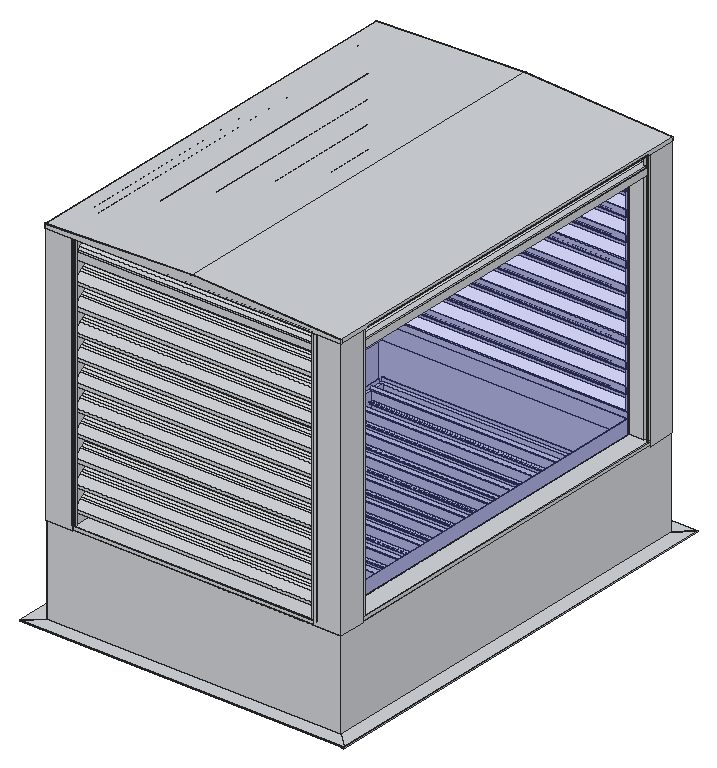
Revit family "PEL-4EV", category Mechanical Equipment, Revit 2015 (continued)
Definition of nested family "PEL-4EV S-3V-I"
  Definition of nested family "FSLF-120"
    Forms (in)
      Extrusion 6, solid
        sketch origin (0, 0, 0) x (0, 1, 0) y (0, 0, 1)
          loop
            circle (-5.18836, 7.24712) r 0.54048
          loop
            circle (-5.18836, 7.24712) r 0.27109
        from 2.4389 to -0.3742
      Extrusion 7, solid
        sketch origin (0, 0, 0) x (0, 1, 0) y (0, 0, 1)
          loop
            line (-3.91306, 6.71864) -> (-3.7518, 6.90501) -> (-4.82025, 7.82944)
            arc (-4.82025, 7.82944) -> (-4.90724, 7.87836) -> (-5.00644, 7.88936) r 0.25
            line (-5.00644, 7.88936) -> (-5.62705, 7.83298)
            arc (-5.62705, 7.83298) -> (-5.79594, 7.74469) -> (-5.85355, 7.56303) r 0.25
            line (-5.85355, 7.56303) -> (-5.80333, 6.9664)
            arc (-5.80333, 6.9664) -> (-5.77611, 6.8722) -> (-5.71475, 6.79572) r 0.25
            line (-5.71475, 6.79572) -> (-4.62328, 5.88139) -> (-4.46502, 6.07031) -> (-5.47779, 6.9187)
            arc (-5.47779, 6.9187) -> (-5.53914, 6.99518) -> (-5.56637, 7.08938) r 0.25
            line (-5.56637, 7.08938) -> (-5.58744, 7.33975)
            arc (-5.58744, 7.33975) -> (-5.52983, 7.52141) -> (-5.36094, 7.60969) r 0.25
            line (-5.36094, 7.60969) -> (-5.08847, 7.63444)
            arc (-5.08847, 7.63444) -> (-4.98927, 7.62345) -> (-4.90228, 7.57453) r 0.25
            line (-4.90228, 7.57453) -> (-3.91306, 6.71864)
        from -0.45408 to -0.64826
      Extrusion 8, solid
        sketch origin (0, 0, 0) x (0, 1, 0) y (0, 0, 1)
          loop
            line (-4.84561, 5.92964) -> (-3.84342, 7.12404) -> (-3.96137, 7.30719) -> (-4.09731, 7.46769)
            arc (-4.09731, 7.46769) -> (-4.29911, 7.57665) -> (-4.45285, 7.74683) r 0.67563
            arc (-4.45285, 7.74683) -> (-4.52455, 7.65639) -> (-4.6158, 7.58572) r 0.47899
            line (-4.6158, 7.58572) -> (-4.72882, 7.47247)
            arc (-4.72882, 7.47247) -> (-4.85345, 6.98422) -> (-5.32567, 6.80835) r 0.54335
            line (-5.32567, 6.80835) -> (-5.42625, 6.68392)
            arc (-5.42625, 6.68392) -> (-5.48681, 6.58567) -> (-5.56911, 6.50475) r 0.47899
            arc (-5.56911, 6.50475) -> (-5.38353, 6.37) -> (-5.25372, 6.18093) r 0.67563
            line (-5.25372, 6.18093) -> (-5.03529, 5.99894) -> (-4.84561, 5.92964)
        from -0.78829 to -0.7065
      Extrusion 9, solid
        sketch origin (0, 0, 0) x (0, 1, 0) y (0, 0, 1)
          loop
            line (-4.84561, 5.92964) -> (-3.84342, 7.12404) -> (-3.87926, 7.17969) -> (-4.90878, 5.95271) -> (-4.84561, 5.92964)
        from -0.7065 to -0.1442
    Lines and regions (in)
      model lines
        curve 1: arc (0, -4.09731, 7.46769) -> (0, -4.29911, 7.57665) -> (0, -4.45285, 7.74683) r 0.67563
        curve 2: arc (0, -4.45285, 7.74683) -> (0, -4.52455, 7.65639) -> (0, -4.6158, 7.58572) r 0.47899
        curve 3: arc (0, -5.56911, 6.50475) -> (0, -5.38353, 6.37) -> (0, -5.25372, 6.18093) r 0.67563
        curve 4: arc (0, -5.42625, 6.68392) -> (0, -5.48681, 6.58567) -> (0, -5.56911, 6.50475) r 0.47899
        curve 5: arc (0, -4.72882, 7.47247) -> (0, -4.85345, 6.98422) -> (0, -5.32567, 6.80835) r 0.54335
        curve 6: arc (0, -5.08847, 7.63444) -> (0, -4.98927, 7.62345) -> (0, -4.90228, 7.57453) r 0.25
        curve 7: arc (0, -5.00644, 7.88936) -> (0, -4.90724, 7.87836) -> (0, -4.82025, 7.82944) r 0.25
        curve 8: arc (0, -5.47779, 6.9187) -> (0, -5.53914, 6.99518) -> (0, -5.56637, 7.08938) r 0.25
        curve 9: arc (0, -5.58744, 7.33975) -> (0, -5.52983, 7.52141) -> (0, -5.36094, 7.60969) r 0.25
        curve 10: line (0, -4.72882, 7.47247) -> (0, -4.6158, 7.58572)
        curve 11: line (0, -5.25372, 6.18093) -> (0, -5.03529, 5.99894)
        curve 12: line (0, -5.03529, 5.99894) -> (0, -3.96137, 7.30719)
        curve 13: line (0, -3.96137, 7.30719) -> (0, -4.09731, 7.46769)
        curve 14: line (0, -5.16521, 6.11335) -> (0, -4.05485, 7.41756)
        curve 15: line (0, -4.98938, 6.05486) -> (0, -4.84561, 5.92964)
        curve 16: line (0, -4.84561, 5.92964) -> (0, -3.84342, 7.12404)
        curve 17: line (0, -3.84342, 7.12404) -> (0, -3.9942, 7.26719)
        curve 18: line (0, -5.47779, 6.9187) -> (0, -4.46502, 6.07031)
        curve 19: line (0, -4.46502, 6.07031) -> (0, -4.62328, 5.88139)
        curve 20: line (0, -4.62328, 5.88139) -> (0, -5.71475, 6.79572)
        curve 21: line (0, -5.32567, 6.80835) -> (0, -5.42625, 6.68392)
        curve 22: line (0, -4.90228, 7.57453) -> (0, -3.91306, 6.71864)
        curve 23: line (0, -3.91306, 6.71864) -> (0, -3.7518, 6.90501)
        curve 24: line (0, -3.7518, 6.90501) -> (0, -4.82025, 7.82944)
        curve 25: line (0, -5.08847, 7.63444) -> (0, -5.36094, 7.60969)
        curve 26: line (0, -5.00644, 7.88936) -> (0, -5.62705, 7.83298)
        curve 27: line (0, -5.56637, 7.08938) -> (0, -5.58744, 7.33975)
        curve 28: line (0, -5.80333, 6.9664) -> (0, -5.85355, 7.56303)
        curve 29: arc (0, -5.71475, 6.79572) -> (0, -5.77611, 6.8722) -> (0, -5.80333, 6.9664) r 0.25
        curve 30: arc (0, -5.85355, 7.56303) -> (0, -5.79594, 7.74469) -> (0, -5.62705, 7.83298) r 0.25
        curve 31: circle (0, -4.59401, 4.1698) r 0.10344 normal (-1, 0, 0)
        curve 32: arc (0, -7.02936, 7.89928) -> (0, -6.97024, 8.042) -> (0, -6.82752, 8.10111) r 0.20184
        curve 33: arc (0, -3.58331, 8.10111) -> (0, -3.44059, 8.042) -> (0, -3.38147, 7.89928) r 0.20184
        curve 34: circle (0, -5.18836, 7.24712) r 0.27109 normal (-1, 0, 0)
        curve 35: circle (0, -5.18836, 7.24712) r 0.54048 normal (-1, 0, 0)
        curve 36: line (0, -6.82752, 8.10111) -> (0, -3.58331, 8.10111)
        curve 37: line (0, -7.02936, 7.89928) -> (0, -7.02936, 2.30122)
        curve 38: line (0, -3.38147, 2.30122) -> (0, -3.38147, 7.89928)
        curve 39: circle (0, -4.59401, 4.1698) r 0.28363 normal (-1, 0, 0)
        curve 40: arc (0, -7.13564, 7.89928) -> (0, -7.0454, 8.11715) -> (0, -6.82752, 8.2074) r 0.30812
        curve 41: arc (0, -3.58331, 8.2074) -> (0, -3.36543, 8.11715) -> (0, -3.27519, 7.89928) r 0.30812
        curve 42: line (0, -7.13564, 2.09702) -> (0, -7.13564, 7.89928)
        curve 43: line (0, -6.82752, 8.2074) -> (0, -3.58331, 8.2074)
        curve 44: line (0, -3.27519, 2.06694) -> (0, -3.27519, 7.89928)
    Dimensions and locks (in)
      aligned and locked: level to plane 2
Definition of nested family "EL-4"
  Parameters (values of type "EL-4")
    URL = "http://unitedenertech.com/catalog/pdf/A_8%20EL-4.pdf"
    Type Comments = "Max. Single Section Size is (120\"w  x  84\"h) or (84\"h  x  120\"w)"
    Model = "EL-4"
    Manufacturer = "United Enertech Corporation"
    Exact Width = 4' - 0"
    Exact Height = 4' - 0"
    Description = "Fixed 4\" Louver"
    Depth = 0' - 4.21363"
    Blade Spacing = 0' - 4 5/8"
    Blade Number [instance] = rounddown((Exact Height - 0' 4 7/8") / 0' 4 5/8")  # 9
    BW [instance] = Exact Width - 0' 1 11/16"  # 3' - 10 5/16"
  Reference planes (in)
    plane 1 "Center (Front/Back)": y = 0
    plane 2: z = 0
    plane 3 "Center (Left/Right)": x = 0
    plane 4: x = -24
    plane 5: x = 24
    plane 6: z = 48
    plane 7: x = -23.166
    plane 8: x = 23.166
    plane 9: z = 0.875
    plane 10: y = 4.21363
    plane 11: z = 44
  Forms (in)
    Extrusion 1, solid
      sketch origin (-29.66294, -49.65479, 0) x (0, -1, 0) y (1, 0, 0)
        loop
          line (-53.59942, 5.66294) -> (-53.59942, 5.74394) -> (-53.70642, 5.74394) -> (-53.70642, 6.41594) -> (-50.70642, 6.41594) -> (-50.70642, 5.70894) -> (-50.28742, 5.70894) -> (-50.28742, 5.66294) -> (-50.20642, 5.66294) -> (-50.20642, 5.70894) -> (-50.14442, 5.70894) -> (-50.14442, 5.78994) -> (-50.20642, 5.78994) -> (-50.20642, 5.87794) -> (-49.78742, 5.87794) -> (-49.78742, 5.78994) -> (-49.92542, 5.78994) -> (-49.92542, 5.70894) -> (-49.70642, 5.70894) -> (-49.70642, 6.6854) -> (-49.65479, 6.6854) -> (-49.65479, 6.78794) -> (-49.78742, 6.78794) -> (-49.78742, 6.49694) -> (-49.89442, 6.49694) -> (-49.89442, 6.41594) -> (-49.78742, 6.41594) -> (-49.78742, 5.95894) -> (-50.28742, 5.95894) -> (-50.28742, 5.78994) -> (-50.62542, 5.78994) -> (-50.62542, 6.49694) -> (-53.73742, 6.49694) -> (-53.73742, 6.78794) -> (-53.78742, 6.78794) -> (-53.78742, 5.66294) -> (-53.59942, 5.66294)
      from 0.875 to 48
    Extrusion 2, solid
      sketch origin (29.66294, -49.65479, 0) x (0, -1, 0) y (1, 0, 0)
        loop
          line (-53.59942, -5.66294) -> (-53.78742, -5.66294) -> (-53.78742, -6.78794) -> (-53.73742, -6.78794) -> (-53.73742, -6.49694) -> (-50.62542, -6.49694) -> (-50.62542, -5.78994) -> (-50.28742, -5.78994) -> (-50.28742, -5.95894) -> (-49.78742, -5.95894) -> (-49.78742, -6.41594) -> (-49.89442, -6.41594) -> (-49.89442, -6.49694) -> (-49.78742, -6.49694) -> (-49.78742, -6.78794) -> (-49.65479, -6.78794) -> (-49.65479, -6.6854) -> (-49.70642, -6.6854) -> (-49.70642, -5.70894) -> (-49.92542, -5.70894) -> (-49.92542, -5.78994) -> (-49.78742, -5.78994) -> (-49.78742, -5.87794) -> (-50.20642, -5.87794) -> (-50.20642, -5.78994) -> (-50.14442, -5.78994) -> (-50.14442, -5.70894) -> (-50.20642, -5.70894) -> (-50.20642, -5.66294) -> (-50.28742, -5.66294) -> (-50.28742, -5.70894) -> (-50.70642, -5.70894) -> (-50.70642, -6.41594) -> (-53.70642, -6.41594) -> (-53.70642, -5.74394) -> (-53.59942, -5.74394) -> (-53.59942, -5.66294)
      from 0.875 to 48
    Extrusion 3, solid
      sketch origin (-57.96539, 54.07221, -28.49404) x (0, 1, 0) y (0, 0, 1)
        loop
          line (-53.52057, 28.49404) -> (-53.43957, 28.49404) -> (-53.43957, 28.81904) -> (-53.93957, 28.81904) -> (-53.93957, 29.28804) -> (-49.93957, 29.28804) -> (-49.93957, 28.57504) -> (-50.04657, 28.57504) -> (-50.04657, 28.49404) -> (-49.85857, 28.49404) -> (-49.85857, 32.16904) -> (-49.93957, 32.16904) -> (-49.93957, 29.36904) -> (-54.07221, 29.36904) -> (-54.07221, 29.28804) -> (-54.02057, 29.28804) -> (-54.02057, 28.56904) -> (-53.80257, 28.56904) -> (-53.80257, 28.65004) -> (-53.93957, 28.65004) -> (-53.93957, 28.73804) -> (-53.52057, 28.73804) -> (-53.52057, 28.65004) -> (-53.58357, 28.65004) -> (-53.58357, 28.56904) -> (-53.52057, 28.56904) -> (-53.52057, 28.49404)
      from 33.96539 to 81.96539
    Extrusion 4, solid
      sketch origin (0, -4.95997, -5.16732) x (0, 1, 0) y (0, 0, 1)
        loop
          line (5.0926, 48.96871) -> (5.1736, 48.98562) -> (5.1736, 49.16966) -> (5.80531, 49.61935) -> (5.80531, 50.18878) -> (6.22811, 50.82999) -> (6.37647, 50.92928) -> (6.73966, 51.16395) -> (7.46295, 51.63128) -> (8.34759, 52.54232) -> (8.94132, 52.54232) -> (8.94132, 52.29232) -> (9.02232, 52.29232) -> (9.02232, 53.16732) -> (8.83432, 53.16732) -> (8.83432, 53.08632) -> (8.94132, 53.08632) -> (8.94132, 52.62332) -> (5.2054, 52.62332) -> (5.17343, 52.6553) -> (5.17343, 52.84232) -> (5.64813, 52.84232) -> (5.64813, 53.09232) -> (5.59232, 53.09232) -> (5.59232, 53.16732) -> (5.51132, 53.16732) -> (5.51132, 53.09232) -> (5.44932, 53.09232) -> (5.44932, 53.01132) -> (5.56713, 53.01132) -> (5.56713, 52.92332) -> (5.17343, 52.92332) -> (5.17343, 53.01132) -> (5.23032, 53.01132) -> (5.23032, 53.09232) -> (5.09227, 53.09232) -> (5.09227, 52.62332) -> (5.8875, 51.82808) -> (5.94407, 51.88465) -> (5.28554, 52.54318) -> (8.23552, 52.54318) -> (7.40333, 51.6892) -> (6.17378, 50.89475) -> (5.72431, 50.21308) -> (5.72431, 49.66112) -> (5.1736, 49.26909) -> (5.1736, 50.32304) -> (5.0926, 50.32304) -> (5.0926, 48.96871)
      from -23.166 to 23.166
  Dimensions and locks (in)
    equal spacing: plane 4, plane 3 "Center (Left/Right)", plane 5
    "Exact Width": plane 4 to plane 5
    "Exact Height": plane 6 to level
    locked: plane 4 to plane 7 at 0.834
    locked: plane 8 to plane 5 at 0.834
    locked: plane 9 to level at 0.875
    "Depth": plane 1 "Center (Front/Back)" to plane 10
    locked: plane 6 to plane 11 at 4
    equal spacing: group 1, group 2, group 3, group 4, group 5, group 6, group 7, group 8, group 9  (x2)
    equal spacing: group 9, group 8, group 7, group 6, group 5, group 4, group 3, group 2, group 1
    "Blade Spacing": nested 2 to nested 1
    aligned and locked: level to plane 2
    aligned and locked: Extrusion 3 to plane 5
    aligned and locked: plane 4 to Extrusion 3
    aligned and locked: Extrusion 1 to plane 9
    aligned and locked: Extrusion 2 to plane 9
    aligned and locked: plane 6 to Extrusion 1
    aligned and locked: plane 6 to Extrusion 2
    aligned and locked: plane 6 to Extrusion 4
    aligned and locked: plane 7 to Extrusion 4
    aligned and locked: Extrusion 4 to plane 8
    aligned and locked: plane 3 "Center (Left/Right)" to nested 1
    aligned and locked: plane 11 to nested 1
    aligned and locked: nested 2 to nested 1
  Automatic sketch dimensions
    Extrusion 1 sketch curve to plane 4 = 0' - 0"  (x2)
    Extrusion 1 sketch curve to plane 7 = 0' - 0"  (x2)
    plane 1 "Center (Front/Back)" to Extrusion 1 sketch curve = 0' - 0"
    Extrusion 1 sketch curve to plane 1 "Center (Front/Back)" = 0' - 0.05163"
    Extrusion 1 sketch curve to plane 1 "Center (Front/Back)" = 0' - 0.13263"
    Extrusion 1 sketch curve to Extrusion 1 sketch curve = 0' - 0"
    Extrusion 1 sketch curve to Extrusion 1 sketch curve = 0' - 0.081"  (x8)
    Extrusion 1 sketch curve to Extrusion 1 sketch curve = 0' - 0.107"  (x2)
    Extrusion 1 sketch curve to Extrusion 1 sketch curve = 0' - 0.138"
    Extrusion 1 sketch curve to Extrusion 1 sketch curve = 0' - 0.219"
    Extrusion 1 sketch curve to Extrusion 1 sketch curve = 0' - 0.062"  (x2)
    Extrusion 1 sketch curve to plane 4 = 0' - 0.127"
    Extrusion 1 sketch curve to Extrusion 1 sketch curve = 0' - 0.338"
    Extrusion 1 sketch curve to Extrusion 1 sketch curve = 0' - 2.893"
    plane 7 to Extrusion 1 sketch curve = 0' - 0.081"  (x2)
    Extrusion 1 sketch curve to Extrusion 1 sketch curve = 0' - 0.031"
    Extrusion 1 sketch curve to Extrusion 1 sketch curve = 0' - 0.05"
    Extrusion 1 sketch curve to plane 4 = 0' - 0.046"  (x3)
    Extrusion 1 sketch curve to Extrusion 1 sketch curve = 0' - 0.088"
    Extrusion 1 sketch curve to plane 7 = 0' - 0.18846"
    Extrusion 1 sketch curve to Extrusion 1 sketch curve = 0' - 0.291"
    Extrusion 1 sketch curve to Extrusion 1 sketch curve = 0' - 0.10254"
    Extrusion 2 sketch curve to plane 5 = 0' - 0"  (x2)
    Extrusion 2 sketch curve to plane 8 = 0' - 0"  (x2)
    plane 1 "Center (Front/Back)" to Extrusion 2 sketch curve = 0' - 0"
    Extrusion 2 sketch curve to plane 1 "Center (Front/Back)" = 0' - 0.05163"
    Extrusion 2 sketch curve to plane 1 "Center (Front/Back)" = 0' - 0.13263"
    Extrusion 2 sketch curve to Extrusion 2 sketch curve = 0' - 0"
    Extrusion 2 sketch curve to Extrusion 2 sketch curve = 0' - 0.081"  (x6)
    Extrusion 2 sketch curve to Extrusion 2 sketch curve = 0' - 0.107"  (x2)
    Extrusion 2 sketch curve to Extrusion 2 sketch curve = 0' - 0.138"
    Extrusion 2 sketch curve to Extrusion 2 sketch curve = 0' - 0.219"
    Extrusion 2 sketch curve to Extrusion 2 sketch curve = 0' - 0.062"  (x2)
    plane 5 to Extrusion 2 sketch curve = 0' - 0.127"  (x2)
    Extrusion 2 sketch curve to Extrusion 2 sketch curve = 0' - 0.338"
    Extrusion 2 sketch curve to Extrusion 2 sketch curve = 0' - 2.893"
    Extrusion 2 sketch curve to plane 8 = 0' - 0.081"  (x2)
    Extrusion 2 sketch curve to Extrusion 2 sketch curve = 0' - 0.031"
    Extrusion 2 sketch curve to Extrusion 2 sketch curve = 0' - 0.05"
    plane 8 to Extrusion 2 sketch curve = 0' - 0.18846"
    Extrusion 2 sketch curve to Extrusion 2 sketch curve = 0' - 0.291"
    Extrusion 2 sketch curve to Extrusion 2 sketch curve = 0' - 0.10254"
    plane 5 to Extrusion 2 sketch curve = 0' - 0.296"
    Extrusion 2 sketch curve to Extrusion 2 sketch curve = 0' - 0.088"
    plane 5 to Extrusion 2 sketch curve = 0' - 0.046"  (x3)
    Extrusion 3 sketch curve to plane 1 "Center (Front/Back)" = 0' - 0"
    Extrusion 3 sketch curve to level = 0' - 0"  (x2)
    Extrusion 3 sketch curve to plane 9 = 0' - 0"
    Extrusion 3 sketch curve to Extrusion 3 sketch curve = 0' - 0.05163"
    Extrusion 3 sketch curve to Extrusion 3 sketch curve = 0' - 0.081"  (x6)
    Extrusion 3 sketch curve to Extrusion 3 sketch curve = 0' - 0"  (x2)
    Extrusion 3 sketch curve to Extrusion 3 sketch curve = 0' - 0.137"
    level to Extrusion 3 sketch curve = 0' - 0.075"  (x2)
    Extrusion 3 sketch curve to Extrusion 3 sketch curve = 0' - 0.219"
    Extrusion 3 sketch curve to Extrusion 3 sketch curve = 0' - 0.063"  (x2)
    Extrusion 3 sketch curve to Extrusion 3 sketch curve = 0' - 3.393"
    Extrusion 3 sketch curve to Extrusion 3 sketch curve = 0' - 0.107"
    level to Extrusion 3 sketch curve = 0' - 0.081"
    Extrusion 3 sketch curve to Extrusion 3 sketch curve = 0' - 0.088"
    Extrusion 3 sketch curve to plane 9 = 0' - 0.081"  (x2)
    Extrusion 3 sketch curve to Extrusion 3 sketch curve = 0' - 2.8"
    Extrusion 4 sketch curve to plane 6 = 0' - 2.84428"
    Extrusion 4 sketch curve to plane 1 "Center (Front/Back)" = 0' - 0.13263"
    Extrusion 4 sketch curve to Extrusion 4 sketch curve = 0' - 0.08082"
    Extrusion 4 sketch curve to Extrusion 4 sketch curve = 0' - 0"  (x3)
    Extrusion 4 sketch curve to Extrusion 4 sketch curve = 0' - 0.081"  (x10)
    Extrusion 4 sketch curve to Extrusion 4 sketch curve = 0' - 0.03198"  (x2)
    Extrusion 4 sketch curve to Extrusion 4 sketch curve = 0' - 0.05689"
    Extrusion 4 sketch curve to Extrusion 4 sketch curve = 0' - 0.08014"
    Extrusion 4 sketch curve to Extrusion 4 sketch curve = 0' - 0.219"
    Extrusion 4 sketch curve to Extrusion 4 sketch curve = 0' - 0.062"
    Extrusion 4 sketch curve to Extrusion 4 sketch curve = 0' - 0.05581"  (x2)
    Extrusion 4 sketch curve to Extrusion 4 sketch curve = 0' - 0.55071"
    Extrusion 4 sketch curve to Extrusion 4 sketch curve = 0' - 0.60196"
    Extrusion 4 sketch curve to plane 6 = 0' - 1.28267"
    Extrusion 4 sketch curve to Extrusion 4 sketch curve = 0' - 0.05657"  (x2)
    Extrusion 4 sketch curve to plane 6 = 0' - 2.27257"
    Extrusion 4 sketch curve to Extrusion 4 sketch curve = 0' - 0.36847"
    Extrusion 4 sketch curve to plane 6 = 0' - 2.33733"
    Extrusion 4 sketch curve to Extrusion 4 sketch curve = 0' - 0.05432"
    Extrusion 4 sketch curve to plane 6 = 0' - 2.23804"
    Extrusion 4 sketch curve to Extrusion 4 sketch curve = 0' - 0.14837"
    Extrusion 4 sketch curve to plane 6 = 0' - 2.00337"
    Extrusion 4 sketch curve to Extrusion 4 sketch curve = 0' - 0.36319"
    Extrusion 4 sketch curve to plane 6 = 0' - 1.47813"
    Extrusion 4 sketch curve to Extrusion 4 sketch curve = 0' - 0.66366"
    Extrusion 4 sketch curve to plane 6 = 0' - 1.53604"
    Extrusion 4 sketch curve to Extrusion 4 sketch curve = 0' - 0.05962"
    Extrusion 4 sketch curve to Extrusion 4 sketch curve = 0' - 0.83219"
    Extrusion 4 sketch curve to Extrusion 4 sketch curve = 0' - 0.11207"
    Extrusion 4 sketch curve to Extrusion 4 sketch curve = 0' - 0.48673"
    Extrusion 4 sketch curve to Extrusion 4 sketch curve = 0' - 0.107"
    Extrusion 4 sketch curve to Extrusion 4 sketch curve = 0' - 0.10997"
    Extrusion 4 sketch curve to Extrusion 4 sketch curve = 0' - 0.0243"
    Extrusion 4 sketch curve to Extrusion 4 sketch curve = 0' - 0.52766"
    Extrusion 4 sketch curve to Extrusion 4 sketch curve = 0' - 0.04177"
    Extrusion 4 sketch curve to Extrusion 4 sketch curve = 0' - 0.39203"
    Extrusion 4 sketch curve to Extrusion 4 sketch curve = 0' - 0.09943"
    Extrusion 4 sketch curve to Extrusion 4 sketch curve = 0' - 0.18404"
    Extrusion 4 sketch curve to Extrusion 4 sketch curve = 0' - 0.01691"
    Extrusion 4 sketch curve to Extrusion 4 sketch curve = 0' - 0.25086"
    Extrusion 4 sketch curve to Extrusion 4 sketch curve = 0' - 0 1/4"
    Extrusion 4 sketch curve to Extrusion 4 sketch curve = 0' - 0.18702"
    Extrusion 4 sketch curve to Extrusion 4 sketch curve = 0' - 0.088"  (x2)
    Extrusion 4 sketch curve to Extrusion 4 sketch curve = 0' - 0.463"
    Extrusion 4 sketch curve to Extrusion 4 sketch curve = 0' - 0.075"
    Extrusion 4 sketch curve to Extrusion 4 sketch curve = 0' - 0.08116"
  Nested families (in)
    nested 1: "EL-4 Blade" at (0, 4.92101, 35.5882), type "EL-4 Blade"
      with Blade Width 3' - 10 5/16"
    nested 2: "EL-4 Blade" at (0, 4.92101, 30.9632), type "EL-4 Blade"
      with Blade Width 3' - 10 5/16"
    nested 3: "EL-4 Blade" at (0, 4.92101, 26.3382), type "EL-4 Blade"
      with Blade Width 3' - 10 5/16"
    nested 4: "EL-4 Blade" at (0, 4.92101, 21.7132), type "EL-4 Blade"
      with Blade Width 3' - 10 5/16"
    nested 5: "EL-4 Blade" at (0, 4.92101, 17.0882), type "EL-4 Blade"
      with Blade Width 3' - 10 5/16"
    nested 6: "EL-4 Blade" at (0, 4.92101, 12.4632), type "EL-4 Blade"
      with Blade Width 3' - 10 5/16"
    nested 7: "EL-4 Blade" at (0, 4.92101, 7.8382), type "EL-4 Blade"
      with Blade Width 3' - 10 5/16"
    nested 8: "EL-4 Blade" at (0, 4.92101, 3.2132), type "EL-4 Blade"
      with Blade Width 3' - 10 5/16"
    nested 9: "EL-4 Blade" at (0, 4.92101, -1.4118), type "EL-4 Blade"
      with Blade Width 3' - 10 5/16"
  Definition of nested family "EL-4 Blade"
    Parameters (values of type "EL-4 Blade")
      Blade Width = 1' - 6"
    Reference planes (in)
      plane 1 "Center (Front/Back)": y = 0
      plane 2: z = 0
      plane 3 "Center (Left/Right)": x = 0
      plane 4: x = -9
      plane 5: x = 9
    Forms (in)
      Extrusion 1, solid
        sketch origin (-10.70347, -9.60614, 8.80962) x (0, 1, 0) y (0, 0, 1)
          loop
            line (4.81777, -5.22142) -> (4.89877, -5.20451) -> (4.89877, -4.65643) -> (5.94601, -3.32804) -> (6.10223, -3.26126) -> (6.59277, -2.97805) -> (7.06625, -2.63173) -> (7.46443, -2.27055) -> (7.87309, -1.81036) -> (7.93365, -1.7391) -> (8.19133, -1.64781) -> (8.77529, -1.64781) -> (8.77529, -0.39781) -> (8.65029, -0.39781) -> (8.65029, -0.47911) -> (8.69429, -0.47911) -> (8.69429, -1.56681) -> (8.17804, -1.56681) -> (7.88437, -1.66476) -> (7.54911, -2.06666) -> (7.20133, -2.41027) -> (6.79536, -2.74072) -> (6.37764, -3.0179) -> (5.92224, -3.26034) -> (4.81777, -4.61709) -> (4.81777, -5.22142)
        from 1.70347 to 19.70347
    Dimensions and locks (in)
      equal spacing: plane 4, plane 3 "Center (Left/Right)", plane 5
      "Blade Width": plane 4 to plane 5
      aligned and locked: level to plane 2
      aligned and locked: plane 4 to Extrusion 1
      aligned and locked: plane 5 to Extrusion 1
    Automatic sketch dimensions
      plane 1 "Center (Front/Back)" to Extrusion 1 sketch curve = 0' - 4.78838"
      Extrusion 1 sketch curve to Extrusion 1 sketch curve = 0' - 0.081"  (x3)
      Extrusion 1 sketch curve to Extrusion 1 sketch curve = 0' - 1.02348"
      Extrusion 1 sketch curve to Extrusion 1 sketch curve = 0' - 0.02377"
      Extrusion 1 sketch curve to Extrusion 1 sketch curve = 0' - 0.15623"
      Extrusion 1 sketch curve to Extrusion 1 sketch curve = 0' - 0.27541"
      Extrusion 1 sketch curve to Extrusion 1 sketch curve = 0' - 0.21513"
      Extrusion 1 sketch curve to Extrusion 1 sketch curve = 0' - 0.20259"
      Extrusion 1 sketch curve to Extrusion 1 sketch curve = 0' - 0.27089"
      Extrusion 1 sketch curve to Extrusion 1 sketch curve = 0' - 0.13508"
      Extrusion 1 sketch curve to Extrusion 1 sketch curve = 0' - 0.2631"
      Extrusion 1 sketch curve to Extrusion 1 sketch curve = 0' - 0.08468"
      Extrusion 1 sketch curve to Extrusion 1 sketch curve = 0' - 0.32399"
      Extrusion 1 sketch curve to Extrusion 1 sketch curve = 0' - 0.01128"
      Extrusion 1 sketch curve to Extrusion 1 sketch curve = 0' - 0.04928"
      Extrusion 1 sketch curve to Extrusion 1 sketch curve = 0' - 0.24439"
      Extrusion 1 sketch curve to Extrusion 1 sketch curve = 0' - 0.01329"
      plane 1 "Center (Front/Back)" to Extrusion 1 sketch curve = 0' - 0.95585"
      Extrusion 1 sketch curve to Extrusion 1 sketch curve = 0' - 0.044"
      level to Extrusion 1 sketch curve = 0' - 3.5882"
      Extrusion 1 sketch curve to Extrusion 1 sketch curve = 0' - 0.01691"
      Extrusion 1 sketch curve to Extrusion 1 sketch curve = 0' - 0.54808"
      Extrusion 1 sketch curve to Extrusion 1 sketch curve = 0' - 0.03934"
      Extrusion 1 sketch curve to Extrusion 1 sketch curve = 0' - 1.32839"
      Extrusion 1 sketch curve to Extrusion 1 sketch curve = 0' - 0.06678"
      Extrusion 1 sketch curve to Extrusion 1 sketch curve = 0' - 0.0677"
      Extrusion 1 sketch curve to Extrusion 1 sketch curve = 0' - 0.24336"
      Extrusion 1 sketch curve to Extrusion 1 sketch curve = 0' - 0.03985"
      Extrusion 1 sketch curve to Extrusion 1 sketch curve = 0' - 0.23733"
      Extrusion 1 sketch curve to Extrusion 1 sketch curve = 0' - 0.10899"
      Extrusion 1 sketch curve to Extrusion 1 sketch curve = 0' - 0.22146"
      Extrusion 1 sketch curve to Extrusion 1 sketch curve = 0' - 0.13972"
      Extrusion 1 sketch curve to Extrusion 1 sketch curve = 0' - 0.20389"
      Extrusion 1 sketch curve to Extrusion 1 sketch curve = 0' - 0.2563"
      Extrusion 1 sketch curve to Extrusion 1 sketch curve = 0' - 0.07127"
      Extrusion 1 sketch curve to Extrusion 1 sketch curve = 0' - 0.07433"
      Extrusion 1 sketch curve to Extrusion 1 sketch curve = 0' - 0.09128"
      Extrusion 1 sketch curve to Extrusion 1 sketch curve = 0' - 1.0877"
      Extrusion 1 sketch curve to Extrusion 1 sketch curve = 0' - 0.0813"
Definition of nested family "B Side with Blades"
  Parameters (values of type "B Side with Blades")
    URL = "http://unitedenertech.com/catalog/pdf/A_8%20EL-4.pdf"
    Type Comments = "Max. Single Section Size is (120\"w  x  84\"h) or (84\"h  x  120\"w)"
    Model = "EL-4"
    Manufacturer = "United Enertech Corporation"
    Exact Width = 4' - 0"
    Exact Height = 4' - 0"
    Description = "Fixed 4\" Louver"
    Depth = 0' - 4.21363"
    Blade Spacing = 0' - 4 5/8"
    Blade Number [instance] = rounddown((Exact Height - 0' 4 7/8") / 0' 4 5/8")  # 9
    BW [instance] = Exact Width - 0' 1 11/16"  # 3' - 10 5/16"
  Reference planes (in)
    plane 1 "Center (Front/Back)": y = 0
    plane 2: z = 0
    plane 3 "Center (Left/Right)": x = 0
    plane 4: x = -24
    plane 5: x = 24
    plane 6: z = 48
    plane 7: x = -23.166
    plane 8: x = 23.166
    plane 9: z = 0.875
    plane 10: y = 4.21363
    plane 11: z = 44
  Forms (in)
    Extrusion 1, solid
      sketch origin (-29.66294, -49.65479, 0) x (0, -1, 0) y (1, 0, 0)
        loop
          line (-53.59942, 5.66294) -> (-53.59942, 5.74394) -> (-53.70642, 5.74394) -> (-53.70642, 6.41594) -> (-50.70642, 6.41594) -> (-50.70642, 5.70894) -> (-50.28742, 5.70894) -> (-50.28742, 5.66294) -> (-50.20642, 5.66294) -> (-50.20642, 5.70894) -> (-50.14442, 5.70894) -> (-50.14442, 5.78994) -> (-50.20642, 5.78994) -> (-50.20642, 5.87794) -> (-49.78742, 5.87794) -> (-49.78742, 5.78994) -> (-49.92542, 5.78994) -> (-49.92542, 5.70894) -> (-49.70642, 5.70894) -> (-49.70642, 6.6854) -> (-49.65479, 6.6854) -> (-49.65479, 6.78794) -> (-49.78742, 6.78794) -> (-49.78742, 6.49694) -> (-49.89442, 6.49694) -> (-49.89442, 6.41594) -> (-49.78742, 6.41594) -> (-49.78742, 5.95894) -> (-50.28742, 5.95894) -> (-50.28742, 5.78994) -> (-50.62542, 5.78994) -> (-50.62542, 6.49694) -> (-53.73742, 6.49694) -> (-53.73742, 6.78794) -> (-53.78742, 6.78794) -> (-53.78742, 5.66294) -> (-53.59942, 5.66294)
      from 0.875 to 48
    Extrusion 2, solid
      sketch origin (29.66294, -49.65479, 0) x (0, -1, 0) y (1, 0, 0)
        loop
          line (-53.59942, -5.66294) -> (-53.78742, -5.66294) -> (-53.78742, -6.78794) -> (-53.73742, -6.78794) -> (-53.73742, -6.49694) -> (-50.62542, -6.49694) -> (-50.62542, -5.78994) -> (-50.28742, -5.78994) -> (-50.28742, -5.95894) -> (-49.78742, -5.95894) -> (-49.78742, -6.41594) -> (-49.89442, -6.41594) -> (-49.89442, -6.49694) -> (-49.78742, -6.49694) -> (-49.78742, -6.78794) -> (-49.65479, -6.78794) -> (-49.65479, -6.6854) -> (-49.70642, -6.6854) -> (-49.70642, -5.70894) -> (-49.92542, -5.70894) -> (-49.92542, -5.78994) -> (-49.78742, -5.78994) -> (-49.78742, -5.87794) -> (-50.20642, -5.87794) -> (-50.20642, -5.78994) -> (-50.14442, -5.78994) -> (-50.14442, -5.70894) -> (-50.20642, -5.70894) -> (-50.20642, -5.66294) -> (-50.28742, -5.66294) -> (-50.28742, -5.70894) -> (-50.70642, -5.70894) -> (-50.70642, -6.41594) -> (-53.70642, -6.41594) -> (-53.70642, -5.74394) -> (-53.59942, -5.74394) -> (-53.59942, -5.66294)
      from 0.875 to 48
    Extrusion 3, solid
      sketch origin (-57.96539, 54.07221, -28.49404) x (0, 1, 0) y (0, 0, 1)
        loop
          line (-53.52057, 28.49404) -> (-53.43957, 28.49404) -> (-53.43957, 28.81904) -> (-53.93957, 28.81904) -> (-53.93957, 29.28804) -> (-49.93957, 29.28804) -> (-49.93957, 28.57504) -> (-50.04657, 28.57504) -> (-50.04657, 28.49404) -> (-49.85857, 28.49404) -> (-49.85857, 32.16904) -> (-49.93957, 32.16904) -> (-49.93957, 29.36904) -> (-54.07221, 29.36904) -> (-54.07221, 29.28804) -> (-54.02057, 29.28804) -> (-54.02057, 28.56904) -> (-53.80257, 28.56904) -> (-53.80257, 28.65004) -> (-53.93957, 28.65004) -> (-53.93957, 28.73804) -> (-53.52057, 28.73804) -> (-53.52057, 28.65004) -> (-53.58357, 28.65004) -> (-53.58357, 28.56904) -> (-53.52057, 28.56904) -> (-53.52057, 28.49404)
      from 33.96539 to 81.96539
    Extrusion 4, solid
      sketch origin (0, -4.95997, -5.16732) x (0, 1, 0) y (0, 0, 1)
        loop
          line (5.0926, 48.96871) -> (5.1736, 48.98562) -> (5.1736, 49.16966) -> (5.80531, 49.61935) -> (5.80531, 50.18878) -> (6.22811, 50.82999) -> (6.37647, 50.92928) -> (6.73966, 51.16395) -> (7.46295, 51.63128) -> (8.34759, 52.54232) -> (8.94132, 52.54232) -> (8.94132, 52.29232) -> (9.02232, 52.29232) -> (9.02232, 53.16732) -> (8.83432, 53.16732) -> (8.83432, 53.08632) -> (8.94132, 53.08632) -> (8.94132, 52.62332) -> (5.2054, 52.62332) -> (5.17343, 52.6553) -> (5.17343, 52.84232) -> (5.64813, 52.84232) -> (5.64813, 53.09232) -> (5.59232, 53.09232) -> (5.59232, 53.16732) -> (5.51132, 53.16732) -> (5.51132, 53.09232) -> (5.44932, 53.09232) -> (5.44932, 53.01132) -> (5.56713, 53.01132) -> (5.56713, 52.92332) -> (5.17343, 52.92332) -> (5.17343, 53.01132) -> (5.23032, 53.01132) -> (5.23032, 53.09232) -> (5.09227, 53.09232) -> (5.09227, 52.62332) -> (5.8875, 51.82808) -> (5.94407, 51.88465) -> (5.28554, 52.54318) -> (8.23552, 52.54318) -> (7.40333, 51.6892) -> (6.17378, 50.89475) -> (5.72431, 50.21308) -> (5.72431, 49.66112) -> (5.1736, 49.26909) -> (5.1736, 50.32304) -> (5.0926, 50.32304) -> (5.0926, 48.96871)
      from -23.166 to 23.166
  Dimensions and locks (in)
    equal spacing: plane 4, plane 3 "Center (Left/Right)", plane 5
    "Exact Width": plane 4 to plane 5
    "Exact Height": plane 6 to level
    locked: plane 4 to plane 7 at 0.834
    locked: plane 8 to plane 5 at 0.834
    locked: plane 9 to level at 0.875
    "Depth": plane 1 "Center (Front/Back)" to plane 10
    locked: plane 6 to plane 11 at 4
    equal spacing: group 1, group 2, group 3, group 4, group 5, group 6, group 7, group 8, group 9  (x2)
    equal spacing: group 9, group 8, group 7, group 6, group 5, group 4, group 3, group 2, group 1
    "Blade Spacing": nested 2 to nested 1
    aligned and locked: level to plane 2
    aligned and locked: Extrusion 3 to plane 5
    aligned and locked: plane 4 to Extrusion 3
    aligned and locked: Extrusion 1 to plane 9
    aligned and locked: Extrusion 2 to plane 9
    aligned and locked: plane 6 to Extrusion 1
    aligned and locked: plane 6 to Extrusion 2
    aligned and locked: plane 6 to Extrusion 4
    aligned and locked: plane 7 to Extrusion 4
    aligned and locked: Extrusion 4 to plane 8
    aligned and locked: plane 3 "Center (Left/Right)" to nested 1
    aligned and locked: plane 11 to nested 1
    aligned and locked: nested 2 to nested 1
  Automatic sketch dimensions
    Extrusion 1 sketch curve to plane 4 = 0' - 0"  (x2)
    Extrusion 1 sketch curve to plane 7 = 0' - 0"  (x2)
    plane 1 "Center (Front/Back)" to Extrusion 1 sketch curve = 0' - 0"
    Extrusion 1 sketch curve to plane 1 "Center (Front/Back)" = 0' - 0.05163"
    Extrusion 1 sketch curve to plane 1 "Center (Front/Back)" = 0' - 0.13263"
    Extrusion 1 sketch curve to Extrusion 1 sketch curve = 0' - 0"
    Extrusion 1 sketch curve to Extrusion 1 sketch curve = 0' - 0.081"  (x8)
    Extrusion 1 sketch curve to Extrusion 1 sketch curve = 0' - 0.107"  (x2)
    Extrusion 1 sketch curve to Extrusion 1 sketch curve = 0' - 0.138"
    Extrusion 1 sketch curve to Extrusion 1 sketch curve = 0' - 0.219"
    Extrusion 1 sketch curve to Extrusion 1 sketch curve = 0' - 0.062"  (x2)
    Extrusion 1 sketch curve to plane 4 = 0' - 0.127"
    Extrusion 1 sketch curve to Extrusion 1 sketch curve = 0' - 0.338"
    Extrusion 1 sketch curve to Extrusion 1 sketch curve = 0' - 2.893"
    plane 7 to Extrusion 1 sketch curve = 0' - 0.081"  (x2)
    Extrusion 1 sketch curve to Extrusion 1 sketch curve = 0' - 0.031"
    Extrusion 1 sketch curve to Extrusion 1 sketch curve = 0' - 0.05"
    Extrusion 1 sketch curve to plane 4 = 0' - 0.046"  (x3)
    Extrusion 1 sketch curve to Extrusion 1 sketch curve = 0' - 0.088"
    Extrusion 1 sketch curve to plane 7 = 0' - 0.18846"
    Extrusion 1 sketch curve to Extrusion 1 sketch curve = 0' - 0.291"
    Extrusion 1 sketch curve to Extrusion 1 sketch curve = 0' - 0.10254"
    Extrusion 2 sketch curve to plane 5 = 0' - 0"  (x2)
    Extrusion 2 sketch curve to plane 8 = 0' - 0"  (x2)
    plane 1 "Center (Front/Back)" to Extrusion 2 sketch curve = 0' - 0"
    Extrusion 2 sketch curve to plane 1 "Center (Front/Back)" = 0' - 0.05163"
    Extrusion 2 sketch curve to plane 1 "Center (Front/Back)" = 0' - 0.13263"
    Extrusion 2 sketch curve to Extrusion 2 sketch curve = 0' - 0"
    Extrusion 2 sketch curve to Extrusion 2 sketch curve = 0' - 0.081"  (x6)
    Extrusion 2 sketch curve to Extrusion 2 sketch curve = 0' - 0.107"  (x2)
    Extrusion 2 sketch curve to Extrusion 2 sketch curve = 0' - 0.138"
    Extrusion 2 sketch curve to Extrusion 2 sketch curve = 0' - 0.219"
    Extrusion 2 sketch curve to Extrusion 2 sketch curve = 0' - 0.062"  (x2)
    plane 5 to Extrusion 2 sketch curve = 0' - 0.127"  (x2)
    Extrusion 2 sketch curve to Extrusion 2 sketch curve = 0' - 0.338"
    Extrusion 2 sketch curve to Extrusion 2 sketch curve = 0' - 2.893"
    Extrusion 2 sketch curve to plane 8 = 0' - 0.081"  (x2)
    Extrusion 2 sketch curve to Extrusion 2 sketch curve = 0' - 0.031"
    Extrusion 2 sketch curve to Extrusion 2 sketch curve = 0' - 0.05"
    plane 8 to Extrusion 2 sketch curve = 0' - 0.18846"
    Extrusion 2 sketch curve to Extrusion 2 sketch curve = 0' - 0.291"
    Extrusion 2 sketch curve to Extrusion 2 sketch curve = 0' - 0.10254"
    plane 5 to Extrusion 2 sketch curve = 0' - 0.296"
    Extrusion 2 sketch curve to Extrusion 2 sketch curve = 0' - 0.088"
    plane 5 to Extrusion 2 sketch curve = 0' - 0.046"  (x3)
    Extrusion 3 sketch curve to plane 1 "Center (Front/Back)" = 0' - 0"
    Extrusion 3 sketch curve to level = 0' - 0"  (x2)
    Extrusion 3 sketch curve to plane 9 = 0' - 0"
    Extrusion 3 sketch curve to Extrusion 3 sketch curve = 0' - 0.05163"
    Extrusion 3 sketch curve to Extrusion 3 sketch curve = 0' - 0.081"  (x6)
    Extrusion 3 sketch curve to Extrusion 3 sketch curve = 0' - 0"  (x2)
    Extrusion 3 sketch curve to Extrusion 3 sketch curve = 0' - 0.137"
    level to Extrusion 3 sketch curve = 0' - 0.075"  (x2)
    Extrusion 3 sketch curve to Extrusion 3 sketch curve = 0' - 0.219"
    Extrusion 3 sketch curve to Extrusion 3 sketch curve = 0' - 0.063"  (x2)
    Extrusion 3 sketch curve to Extrusion 3 sketch curve = 0' - 3.393"
    Extrusion 3 sketch curve to Extrusion 3 sketch curve = 0' - 0.107"
    level to Extrusion 3 sketch curve = 0' - 0.081"
    Extrusion 3 sketch curve to Extrusion 3 sketch curve = 0' - 0.088"
    Extrusion 3 sketch curve to plane 9 = 0' - 0.081"  (x2)
    Extrusion 3 sketch curve to Extrusion 3 sketch curve = 0' - 2.8"
    Extrusion 4 sketch curve to plane 6 = 0' - 2.84428"
    Extrusion 4 sketch curve to plane 1 "Center (Front/Back)" = 0' - 0.13263"
    Extrusion 4 sketch curve to Extrusion 4 sketch curve = 0' - 0.08082"
    Extrusion 4 sketch curve to Extrusion 4 sketch curve = 0' - 0"  (x3)
    Extrusion 4 sketch curve to Extrusion 4 sketch curve = 0' - 0.081"  (x10)
    Extrusion 4 sketch curve to Extrusion 4 sketch curve = 0' - 0.03198"  (x2)
    Extrusion 4 sketch curve to Extrusion 4 sketch curve = 0' - 0.05689"
    Extrusion 4 sketch curve to Extrusion 4 sketch curve = 0' - 0.08014"
    Extrusion 4 sketch curve to Extrusion 4 sketch curve = 0' - 0.219"
    Extrusion 4 sketch curve to Extrusion 4 sketch curve = 0' - 0.062"
    Extrusion 4 sketch curve to Extrusion 4 sketch curve = 0' - 0.05581"  (x2)
    Extrusion 4 sketch curve to Extrusion 4 sketch curve = 0' - 0.55071"
    Extrusion 4 sketch curve to Extrusion 4 sketch curve = 0' - 0.60196"
    Extrusion 4 sketch curve to plane 6 = 0' - 1.28267"
    Extrusion 4 sketch curve to Extrusion 4 sketch curve = 0' - 0.05657"  (x2)
    Extrusion 4 sketch curve to plane 6 = 0' - 2.27257"
    Extrusion 4 sketch curve to Extrusion 4 sketch curve = 0' - 0.36847"
    Extrusion 4 sketch curve to plane 6 = 0' - 2.33733"
    Extrusion 4 sketch curve to Extrusion 4 sketch curve = 0' - 0.05432"
    Extrusion 4 sketch curve to plane 6 = 0' - 2.23804"
    Extrusion 4 sketch curve to Extrusion 4 sketch curve = 0' - 0.14837"
    Extrusion 4 sketch curve to plane 6 = 0' - 2.00337"
    Extrusion 4 sketch curve to Extrusion 4 sketch curve = 0' - 0.36319"
    Extrusion 4 sketch curve to plane 6 = 0' - 1.47813"
    Extrusion 4 sketch curve to Extrusion 4 sketch curve = 0' - 0.66366"
    Extrusion 4 sketch curve to plane 6 = 0' - 1.53604"
    Extrusion 4 sketch curve to Extrusion 4 sketch curve = 0' - 0.05962"
    Extrusion 4 sketch curve to Extrusion 4 sketch curve = 0' - 0.83219"
    Extrusion 4 sketch curve to Extrusion 4 sketch curve = 0' - 0.11207"
    Extrusion 4 sketch curve to Extrusion 4 sketch curve = 0' - 0.48673"
    Extrusion 4 sketch curve to Extrusion 4 sketch curve = 0' - 0.107"
    Extrusion 4 sketch curve to Extrusion 4 sketch curve = 0' - 0.10997"
    Extrusion 4 sketch curve to Extrusion 4 sketch curve = 0' - 0.0243"
    Extrusion 4 sketch curve to Extrusion 4 sketch curve = 0' - 0.52766"
    Extrusion 4 sketch curve to Extrusion 4 sketch curve = 0' - 0.04177"
    Extrusion 4 sketch curve to Extrusion 4 sketch curve = 0' - 0.39203"
    Extrusion 4 sketch curve to Extrusion 4 sketch curve = 0' - 0.09943"
    Extrusion 4 sketch curve to Extrusion 4 sketch curve = 0' - 0.18404"
    Extrusion 4 sketch curve to Extrusion 4 sketch curve = 0' - 0.01691"
    Extrusion 4 sketch curve to Extrusion 4 sketch curve = 0' - 0.25086"
    Extrusion 4 sketch curve to Extrusion 4 sketch curve = 0' - 0 1/4"
    Extrusion 4 sketch curve to Extrusion 4 sketch curve = 0' - 0.18702"
    Extrusion 4 sketch curve to Extrusion 4 sketch curve = 0' - 0.088"  (x2)
    Extrusion 4 sketch curve to Extrusion 4 sketch curve = 0' - 0.463"
    Extrusion 4 sketch curve to Extrusion 4 sketch curve = 0' - 0.075"
    Extrusion 4 sketch curve to Extrusion 4 sketch curve = 0' - 0.08116"
  Nested families (in)
    nested 1: "EL-4 Blade" at (0, 4.92101, 35.5882), type "EL-4 Blade"
      with Blade Width 3' - 10 5/16"
    nested 2: "EL-4 Blade" at (0, 4.92101, 30.9632), type "EL-4 Blade"
      with Blade Width 3' - 10 5/16"
    nested 3: "EL-4 Blade" at (0, 4.92101, 26.3382), type "EL-4 Blade"
      with Blade Width 3' - 10 5/16"
    nested 4: "EL-4 Blade" at (0, 4.92101, 21.7132), type "EL-4 Blade"
      with Blade Width 3' - 10 5/16"
    nested 5: "EL-4 Blade" at (0, 4.92101, 17.0882), type "EL-4 Blade"
      with Blade Width 3' - 10 5/16"
    nested 6: "EL-4 Blade" at (0, 4.92101, 12.4632), type "EL-4 Blade"
      with Blade Width 3' - 10 5/16"
    nested 7: "EL-4 Blade" at (0, 4.92101, 7.8382), type "EL-4 Blade"
      with Blade Width 3' - 10 5/16"
    nested 8: "EL-4 Blade" at (0, 4.92101, 3.2132), type "EL-4 Blade"
      with Blade Width 3' - 10 5/16"
    nested 9: "EL-4 Blade" at (0, 4.92101, -1.4118), type "EL-4 Blade"
      with Blade Width 3' - 10 5/16"
  Definition of nested family "EL-4 Blade"
    Parameters (values of type "EL-4 Blade")
      Blade Width = 1' - 6"
    Reference planes (in)
      plane 1 "Center (Front/Back)": y = 0
      plane 2: z = 0
      plane 3 "Center (Left/Right)": x = 0
      plane 4: x = -9
      plane 5: x = 9
    Forms (in)
      Extrusion 1, solid
        sketch origin (-10.70347, -9.60614, 8.80962) x (0, 1, 0) y (0, 0, 1)
          loop
            line (4.81777, -5.22142) -> (4.89877, -5.20451) -> (4.89877, -4.65643) -> (5.94601, -3.32804) -> (6.10223, -3.26126) -> (6.59277, -2.97805) -> (7.06625, -2.63173) -> (7.46443, -2.27055) -> (7.87309, -1.81036) -> (7.93365, -1.7391) -> (8.19133, -1.64781) -> (8.77529, -1.64781) -> (8.77529, -0.39781) -> (8.65029, -0.39781) -> (8.65029, -0.47911) -> (8.69429, -0.47911) -> (8.69429, -1.56681) -> (8.17804, -1.56681) -> (7.88437, -1.66476) -> (7.54911, -2.06666) -> (7.20133, -2.41027) -> (6.79536, -2.74072) -> (6.37764, -3.0179) -> (5.92224, -3.26034) -> (4.81777, -4.61709) -> (4.81777, -5.22142)
        from 1.70347 to 19.70347
    Dimensions and locks (in)
      equal spacing: plane 4, plane 3 "Center (Left/Right)", plane 5
      "Blade Width": plane 4 to plane 5
      aligned and locked: level to plane 2
      aligned and locked: plane 4 to Extrusion 1
      aligned and locked: plane 5 to Extrusion 1
    Automatic sketch dimensions
      plane 1 "Center (Front/Back)" to Extrusion 1 sketch curve = 0' - 4.78838"
      Extrusion 1 sketch curve to Extrusion 1 sketch curve = 0' - 0.081"  (x3)
      Extrusion 1 sketch curve to Extrusion 1 sketch curve = 0' - 1.02348"
      Extrusion 1 sketch curve to Extrusion 1 sketch curve = 0' - 0.02377"
      Extrusion 1 sketch curve to Extrusion 1 sketch curve = 0' - 0.15623"
      Extrusion 1 sketch curve to Extrusion 1 sketch curve = 0' - 0.27541"
      Extrusion 1 sketch curve to Extrusion 1 sketch curve = 0' - 0.21513"
      Extrusion 1 sketch curve to Extrusion 1 sketch curve = 0' - 0.20259"
      Extrusion 1 sketch curve to Extrusion 1 sketch curve = 0' - 0.27089"
      Extrusion 1 sketch curve to Extrusion 1 sketch curve = 0' - 0.13508"
      Extrusion 1 sketch curve to Extrusion 1 sketch curve = 0' - 0.2631"
      Extrusion 1 sketch curve to Extrusion 1 sketch curve = 0' - 0.08468"
      Extrusion 1 sketch curve to Extrusion 1 sketch curve = 0' - 0.32399"
      Extrusion 1 sketch curve to Extrusion 1 sketch curve = 0' - 0.01128"
      Extrusion 1 sketch curve to Extrusion 1 sketch curve = 0' - 0.04928"
      Extrusion 1 sketch curve to Extrusion 1 sketch curve = 0' - 0.24439"
      Extrusion 1 sketch curve to Extrusion 1 sketch curve = 0' - 0.01329"
      plane 1 "Center (Front/Back)" to Extrusion 1 sketch curve = 0' - 0.95585"
      Extrusion 1 sketch curve to Extrusion 1 sketch curve = 0' - 0.044"
      level to Extrusion 1 sketch curve = 0' - 3.5882"
      Extrusion 1 sketch curve to Extrusion 1 sketch curve = 0' - 0.01691"
      Extrusion 1 sketch curve to Extrusion 1 sketch curve = 0' - 0.54808"
      Extrusion 1 sketch curve to Extrusion 1 sketch curve = 0' - 0.03934"
      Extrusion 1 sketch curve to Extrusion 1 sketch curve = 0' - 1.32839"
      Extrusion 1 sketch curve to Extrusion 1 sketch curve = 0' - 0.06678"
      Extrusion 1 sketch curve to Extrusion 1 sketch curve = 0' - 0.0677"
      Extrusion 1 sketch curve to Extrusion 1 sketch curve = 0' - 0.24336"
      Extrusion 1 sketch curve to Extrusion 1 sketch curve = 0' - 0.03985"
      Extrusion 1 sketch curve to Extrusion 1 sketch curve = 0' - 0.23733"
      Extrusion 1 sketch curve to Extrusion 1 sketch curve = 0' - 0.10899"
      Extrusion 1 sketch curve to Extrusion 1 sketch curve = 0' - 0.22146"
      Extrusion 1 sketch curve to Extrusion 1 sketch curve = 0' - 0.13972"
      Extrusion 1 sketch curve to Extrusion 1 sketch curve = 0' - 0.20389"
      Extrusion 1 sketch curve to Extrusion 1 sketch curve = 0' - 0.2563"
      Extrusion 1 sketch curve to Extrusion 1 sketch curve = 0' - 0.07127"
      Extrusion 1 sketch curve to Extrusion 1 sketch curve = 0' - 0.07433"
      Extrusion 1 sketch curve to Extrusion 1 sketch curve = 0' - 0.09128"
      Extrusion 1 sketch curve to Extrusion 1 sketch curve = 0' - 1.0877"
      Extrusion 1 sketch curve to Extrusion 1 sketch curve = 0' - 0.0813"
Definition of nested family "B Side with Glass(Recovery)"
  Parameters (values of type "B Side with Glass(Recovery)")
    URL = "http://unitedenertech.com/catalog/pdf/A_8%20EL-4.pdf"
    Type Comments = "Max. Single Section Size is (120\"w  x  84\"h) or (84\"h  x  120\"w)"
    Model = "EL-4"
    Manufacturer = "United Enertech Corporation"
    Exact Width = 3' - 0"
    Exact Height = 3' - 0"
    Description = "Fixed 4\" Louver"
    Depth = 0' - 4.21363"
    Blade Spacing = 0' - 4 5/8"
    Blade Number [instance] = rounddown((Exact Height - 0' 4 7/8") / 0' 4 5/8")  # 6
    BW [instance] = Exact Width - 0' 1 11/16"  # 2' - 10 5/16"
  Reference planes (in)
    plane 1 "Center (Front/Back)": y = 0
    plane 2: z = 0
    plane 3 "Center (Left/Right)": x = 0
    plane 4: x = -18
    plane 5: x = 18
    plane 6: z = 36
    plane 7: x = -17.166
    plane 8: x = 17.166
    plane 9: z = 0.875
    plane 10: y = 4.21363
    plane 11: z = 35.375
    plane 12: y = 4.13263
    plane 13: y = 4.00763
  Forms (in)
    Extrusion 1, solid
      sketch origin (-29.66294, -49.65479, 0) x (0, -1, 0) y (1, 0, 0)
        loop
          line (-53.59942, 11.66294) -> (-53.59942, 11.74394) -> (-53.70642, 11.74394) -> (-53.70642, 12.41594) -> (-50.70642, 12.41594) -> (-50.70642, 11.70894) -> (-50.28742, 11.70894) -> (-50.28742, 11.66294) -> (-50.20642, 11.66294) -> (-50.20642, 11.70894) -> (-50.14442, 11.70894) -> (-50.14442, 11.78994) -> (-50.20642, 11.78994) -> (-50.20642, 11.87794) -> (-49.78742, 11.87794) -> (-49.78742, 11.78994) -> (-49.92542, 11.78994) -> (-49.92542, 11.70894) -> (-49.70642, 11.70894) -> (-49.70642, 12.6854) -> (-49.65479, 12.6854) -> (-49.65479, 12.78794) -> (-49.78742, 12.78794) -> (-49.78742, 12.49694) -> (-49.89442, 12.49694) -> (-49.89442, 12.41594) -> (-49.78742, 12.41594) -> (-49.78742, 11.95894) -> (-50.28742, 11.95894) -> (-50.28742, 11.78994) -> (-50.62542, 11.78994) -> (-50.62542, 12.49694) -> (-53.73742, 12.49694) -> (-53.73742, 12.78794) -> (-53.78742, 12.78794) -> (-53.78742, 11.66294) -> (-53.59942, 11.66294)
      from 0.875 to 36
    Extrusion 2, solid
      sketch origin (29.66294, -49.65479, 0) x (0, -1, 0) y (1, 0, 0)
        loop
          line (-53.59942, -11.66294) -> (-53.78742, -11.66294) -> (-53.78742, -12.78794) -> (-53.73742, -12.78794) -> (-53.73742, -12.49694) -> (-50.62542, -12.49694) -> (-50.62542, -11.78994) -> (-50.28742, -11.78994) -> (-50.28742, -11.95894) -> (-49.78742, -11.95894) -> (-49.78742, -12.41594) -> (-49.89442, -12.41594) -> (-49.89442, -12.49694) -> (-49.78742, -12.49694) -> (-49.78742, -12.78794) -> (-49.65479, -12.78794) -> (-49.65479, -12.6854) -> (-49.70642, -12.6854) -> (-49.70642, -11.70894) -> (-49.92542, -11.70894) -> (-49.92542, -11.78994) -> (-49.78742, -11.78994) -> (-49.78742, -11.87794) -> (-50.20642, -11.87794) -> (-50.20642, -11.78994) -> (-50.14442, -11.78994) -> (-50.14442, -11.70894) -> (-50.20642, -11.70894) -> (-50.20642, -11.66294) -> (-50.28742, -11.66294) -> (-50.28742, -11.70894) -> (-50.70642, -11.70894) -> (-50.70642, -12.41594) -> (-53.70642, -12.41594) -> (-53.70642, -11.74394) -> (-53.59942, -11.74394) -> (-53.59942, -11.66294)
      from 0.875 to 36
    Extrusion 3, solid
      sketch origin (-57.96539, 54.07221, -28.49404) x (0, 1, 0) y (0, 0, 1)
        loop
          line (-53.52057, 28.49404) -> (-53.43957, 28.49404) -> (-53.43957, 28.81904) -> (-53.93957, 28.81904) -> (-53.93957, 29.28804) -> (-49.93957, 29.28804) -> (-49.93957, 28.57504) -> (-50.04657, 28.57504) -> (-50.04657, 28.49404) -> (-49.85857, 28.49404) -> (-49.85857, 32.16904) -> (-49.93957, 32.16904) -> (-49.93957, 29.36904) -> (-54.07221, 29.36904) -> (-54.07221, 29.28804) -> (-54.02057, 29.28804) -> (-54.02057, 28.56904) -> (-53.80257, 28.56904) -> (-53.80257, 28.65004) -> (-53.93957, 28.65004) -> (-53.93957, 28.73804) -> (-53.52057, 28.73804) -> (-53.52057, 28.65004) -> (-53.58357, 28.65004) -> (-53.58357, 28.56904) -> (-53.52057, 28.56904) -> (-53.52057, 28.49404)
      from 39.96539 to 75.96539
    Extrusion 4, solid
      sketch origin (0, -4.95997, -5.16732) x (0, 1, 0) y (0, 0, 1)
        loop
          line (5.0926, 36.96871) -> (5.1736, 36.98562) -> (5.1736, 37.16966) -> (5.80531, 37.61935) -> (5.80531, 38.18878) -> (6.22811, 38.82999) -> (6.37647, 38.92928) -> (6.73966, 39.16395) -> (7.46295, 39.63128) -> (8.34759, 40.54232) -> (8.94132, 40.54232) -> (8.94132, 40.29232) -> (9.02232, 40.29232) -> (9.02232, 41.16732) -> (8.83432, 41.16732) -> (8.83432, 41.08632) -> (8.94132, 41.08632) -> (8.94132, 40.62332) -> (5.2054, 40.62332) -> (5.17343, 40.6553) -> (5.17343, 40.84232) -> (5.64813, 40.84232) -> (5.64813, 41.09232) -> (5.59232, 41.09232) -> (5.59232, 41.16732) -> (5.51132, 41.16732) -> (5.51132, 41.09232) -> (5.44932, 41.09232) -> (5.44932, 41.01132) -> (5.56713, 41.01132) -> (5.56713, 40.92332) -> (5.17343, 40.92332) -> (5.17343, 41.01132) -> (5.23032, 41.01132) -> (5.23032, 41.09232) -> (5.09227, 41.09232) -> (5.09227, 40.62332) -> (5.8875, 39.82808) -> (5.94407, 39.88465) -> (5.28554, 40.54318) -> (8.23552, 40.54318) -> (7.40333, 39.6892) -> (6.17378, 38.89475) -> (5.72431, 38.21308) -> (5.72431, 37.66112) -> (5.1736, 37.26909) -> (5.1736, 38.32304) -> (5.0926, 38.32304) -> (5.0926, 36.96871)
      from -17.166 to 17.166
    Extrusion 5, solid
      sketch origin (0, 0, 0) x (1, 0, 0) y (0, 0, 1)
        loop
          line (-17.166, 35.375) -> (-17.166, 0.875) -> (17.166, 0.875) -> (17.166, 35.375) -> (-17.166, 35.375)
      from -4.13263 to -4.00763
  Dimensions and locks (in)
    equal spacing: plane 4, plane 3 "Center (Left/Right)", plane 5
    "Exact Width": plane 4 to plane 5
    "Exact Height": plane 6 to level
    locked: plane 4 to plane 7 at 0.834
    locked: plane 8 to plane 5 at 0.834
    locked: plane 9 to level at 0.875
    "Depth": plane 1 "Center (Front/Back)" to plane 10
    locked: plane 6 to plane 11 at 0.625
    level to Extrusion 5 = 2' - 11 3/8"
    locked: plane 10 to plane 12 at 0.081
    locked: plane 12 to plane 13 at 0.125
    aligned and locked: level to plane 2
    aligned and locked: Extrusion 3 to plane 5
    aligned and locked: plane 4 to Extrusion 3
    aligned and locked: Extrusion 1 to plane 9
    aligned and locked: Extrusion 2 to plane 9
    aligned and locked: plane 6 to Extrusion 1
    aligned and locked: plane 6 to Extrusion 2
    aligned and locked: plane 6 to Extrusion 4
    aligned and locked: plane 7 to Extrusion 4
    aligned and locked: Extrusion 4 to plane 8
    aligned and locked: plane 9 to Extrusion 5 sketch curve
    aligned and locked: Extrusion 5 sketch curve to plane 7
    aligned and locked: plane 8 to Extrusion 5 sketch curve
    aligned and locked: Extrusion 5 sketch curve to plane 11
    aligned and locked: Extrusion 5 to plane 12
    aligned and locked: plane 13 to Extrusion 5
  Automatic sketch dimensions
    Extrusion 1 sketch curve to plane 4 = 0' - 0"  (x2)
    Extrusion 1 sketch curve to plane 7 = 0' - 0"  (x2)
    plane 1 "Center (Front/Back)" to Extrusion 1 sketch curve = 0' - 0"
    Extrusion 1 sketch curve to plane 1 "Center (Front/Back)" = 0' - 0.05163"
    Extrusion 1 sketch curve to plane 1 "Center (Front/Back)" = 0' - 0.13263"
    Extrusion 1 sketch curve to Extrusion 1 sketch curve = 0' - 0"
    Extrusion 1 sketch curve to Extrusion 1 sketch curve = 0' - 0.081"  (x8)
    Extrusion 1 sketch curve to Extrusion 1 sketch curve = 0' - 0.107"  (x2)
    Extrusion 1 sketch curve to Extrusion 1 sketch curve = 0' - 0.138"
    Extrusion 1 sketch curve to Extrusion 1 sketch curve = 0' - 0.219"
    Extrusion 1 sketch curve to Extrusion 1 sketch curve = 0' - 0.062"  (x2)
    Extrusion 1 sketch curve to plane 4 = 0' - 0.127"
    Extrusion 1 sketch curve to Extrusion 1 sketch curve = 0' - 0.338"
    Extrusion 1 sketch curve to Extrusion 1 sketch curve = 0' - 2.893"
    plane 7 to Extrusion 1 sketch curve = 0' - 0.081"  (x2)
    Extrusion 1 sketch curve to Extrusion 1 sketch curve = 0' - 0.031"
    Extrusion 1 sketch curve to Extrusion 1 sketch curve = 0' - 0.05"
    Extrusion 1 sketch curve to plane 4 = 0' - 0.046"  (x3)
    Extrusion 1 sketch curve to Extrusion 1 sketch curve = 0' - 0.088"
    Extrusion 1 sketch curve to plane 7 = 0' - 0.18846"
    Extrusion 1 sketch curve to Extrusion 1 sketch curve = 0' - 0.291"
    Extrusion 1 sketch curve to Extrusion 1 sketch curve = 0' - 0.10254"
    Extrusion 2 sketch curve to plane 5 = 0' - 0"  (x2)
    Extrusion 2 sketch curve to plane 8 = 0' - 0"  (x2)
    plane 1 "Center (Front/Back)" to Extrusion 2 sketch curve = 0' - 0"
    Extrusion 2 sketch curve to plane 1 "Center (Front/Back)" = 0' - 0.05163"
    Extrusion 2 sketch curve to plane 1 "Center (Front/Back)" = 0' - 0.13263"
    Extrusion 2 sketch curve to Extrusion 2 sketch curve = 0' - 0"
    Extrusion 2 sketch curve to Extrusion 2 sketch curve = 0' - 0.081"  (x6)
    Extrusion 2 sketch curve to Extrusion 2 sketch curve = 0' - 0.107"  (x2)
    Extrusion 2 sketch curve to Extrusion 2 sketch curve = 0' - 0.138"
    Extrusion 2 sketch curve to Extrusion 2 sketch curve = 0' - 0.219"
    Extrusion 2 sketch curve to Extrusion 2 sketch curve = 0' - 0.062"  (x2)
    plane 5 to Extrusion 2 sketch curve = 0' - 0.127"  (x2)
    Extrusion 2 sketch curve to Extrusion 2 sketch curve = 0' - 0.338"
    Extrusion 2 sketch curve to Extrusion 2 sketch curve = 0' - 2.893"
    Extrusion 2 sketch curve to plane 8 = 0' - 0.081"  (x2)
    Extrusion 2 sketch curve to Extrusion 2 sketch curve = 0' - 0.031"
    Extrusion 2 sketch curve to Extrusion 2 sketch curve = 0' - 0.05"
    plane 8 to Extrusion 2 sketch curve = 0' - 0.18846"
    Extrusion 2 sketch curve to Extrusion 2 sketch curve = 0' - 0.291"
    Extrusion 2 sketch curve to Extrusion 2 sketch curve = 0' - 0.10254"
    plane 5 to Extrusion 2 sketch curve = 0' - 0.296"
    Extrusion 2 sketch curve to Extrusion 2 sketch curve = 0' - 0.088"
    plane 5 to Extrusion 2 sketch curve = 0' - 0.046"  (x3)
    Extrusion 3 sketch curve to plane 1 "Center (Front/Back)" = 0' - 0"
    Extrusion 3 sketch curve to level = 0' - 0"  (x2)
    Extrusion 3 sketch curve to plane 9 = 0' - 0"
    Extrusion 3 sketch curve to Extrusion 3 sketch curve = 0' - 0.05163"
    Extrusion 3 sketch curve to Extrusion 3 sketch curve = 0' - 0.081"  (x6)
    Extrusion 3 sketch curve to Extrusion 3 sketch curve = 0' - 0"  (x2)
    Extrusion 3 sketch curve to Extrusion 3 sketch curve = 0' - 0.137"
    level to Extrusion 3 sketch curve = 0' - 0.075"  (x2)
    Extrusion 3 sketch curve to Extrusion 3 sketch curve = 0' - 0.219"
    Extrusion 3 sketch curve to Extrusion 3 sketch curve = 0' - 0.063"  (x2)
    Extrusion 3 sketch curve to Extrusion 3 sketch curve = 0' - 3.393"
    Extrusion 3 sketch curve to Extrusion 3 sketch curve = 0' - 0.107"
    level to Extrusion 3 sketch curve = 0' - 0.081"
    Extrusion 3 sketch curve to Extrusion 3 sketch curve = 0' - 0.088"
